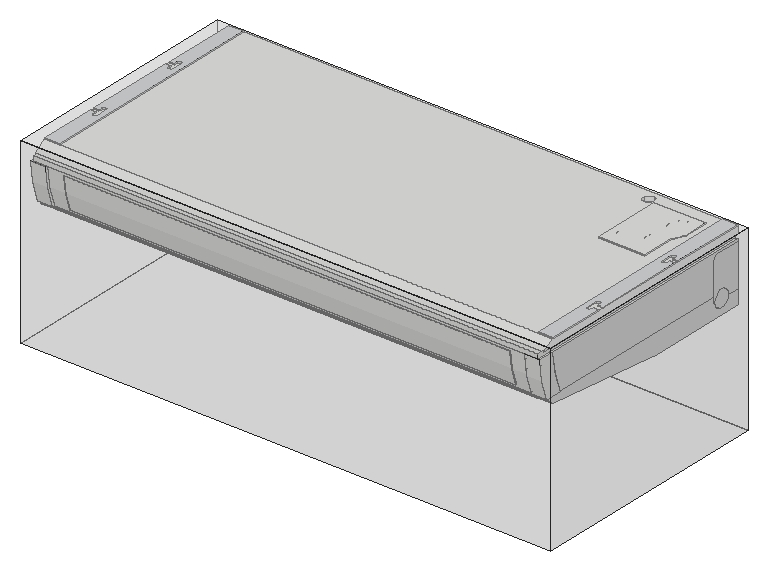
Revit family "outputfile", category 機械設備, Revit 2024
Family settings
  丸型コネクタ寸法 = 半径を使用
  パーツ タイプ = 標準
  OmniClass 番号 = 23.75.10.24.21.27.27
  OmniClass タイトル = Split System Air Conditioning Units
  作業面ベース = いいえ
  常に垂直 = はい
  ロード時にボイドで切り取り = いいえ
  注釈の向きを維持 = いいえ
  共有 = いいえ
  部屋計算ポイント = はい
Parameters (values of type "FXHQ100MAVE")
  Description = ""
  製造元 = "Daikin"
  書き出し IFC クラス(タイプ) = "IfcUnitaryEquipmentType"
  定義済み IFC タイプ(タイプ) = "AIRCONDITIONINGUNIT"
  Cost = 0
  モデル = "FXHQ100MAVE"
  Type Comments = ""
  Keynote = ""
  Type Image = (empty or 0)
  Assembly Code = ""
  r_Liquid Pipe Size = Liquid Pipe Size / 2  # 4.75 mm
  r_Gas Pipe Size = Gas Pipe Size / 2  # 7.95 mm
  r_Drain Pipe Size = Drain Pipe Size / 2  # 10.0 mm
  lw_Air suction grille = if(Width = 960.0 mm, (960.0 mm - 40.7 mm * 2) / 2 - 2.0 mm, if(Width = 1160.0 mm, (1160.0 mm - 40.7 mm * 2) / 2 - 2.0 mm, if(Width = 1400.0 mm, (1400.0 mm - 40.7 mm * 2) / 3, (960.0 mm - 40.7 mm * 2) / 2 - 2.0 mm)))  # 439.533 mm
  l_powersupply [instance] = if(Rear Right Connection_powersupply, 30.0 mm, 145.0 mm)  # 30.0 mm
  h_mountinghole = 2.0 mm  # constant formula
  angle_vertical_powersupply [instance] = if(Rear Right Connection_powersupply, 90.00°, 180.00°)  # 90.00°
  angle_vertical_drainpipe [instance] = if(or(Left Connection_drainpipe, Right Connection_drainpipe), 90.00°, if(Top Connection_drainpipe, 180.00°, -90.00°))  # -90.00°
  angle_horizontal_powersupply [instance] = if(Rear Right Connection_powersupply, 180.00°, 0.00°)  # 180.00°
  angle_horizontal_drainpipe [instance] = if(Right Connection_drainpipe, 90.00°, if(Left Connection_drainpipe, -90.00°, 0.00°))  # 0.00°
  Voltage_comment_60Hz = "220"
  Voltage_comment_50Hz = "220-240"
  Voltage_60Hz = 220 V
  Voltage_50Hz = 220 V
  URL = ""
  Top Connection_refrigerant [instance] = no
  Top Connection_powersupply [instance] = not(Rear Right Connection_powersupply)  # no
  Sound Power Level_H speed (dB) = 0
  Right Connection_refrigerant [instance] = no
  Rear Right Connection_refrigerant [instance] = yes
  Phase_60Hz = 1
  Phase_50Hz = 1
  Minimum Circuit Amps_60Hz = 1.3 A
  Minimum Circuit Amps_50Hz = 0.9 A
  Maximum Fuse Amps_60Hz = 15.0 A
  Maximum Fuse Amps_50Hz = 15.0 A
  Material_Casing = DAIKIN_White_Casing_indoorunit
  lw_powersupply [instance] = 220.0 mm  # constant formula
  lw_mountinghole = 20.0 mm  # constant formula
  lw_liquidpipe [instance] = if(not(Top Connection_refrigerant), 120.0 mm, 170.0 mm)  # 120.0 mm
  lw_gaspipe = 105.0 mm  # constant formula
  lw_drainpipe [instance] = if(Top Connection_drainpipe, 90.0 mm, if(or(Rear Left Connection_drainpipe, Left Connection_drainpipe), Width - 80.0 mm, 100.0 mm))  # 100.0 mm
  lh_powersupply = 145.0 mm  # constant formula
  lh_liquidpipe [instance] = if(Rear Right Connection_refrigerant, 110.0 mm, 90.0 mm)  # 110.0 mm
  lh_gaspipe [instance] = if(Rear Right Connection_refrigerant, 100.0 mm, 90.0 mm)  # 100.0 mm
  lh_drainpipe = 155.0 mm  # constant formula
  l_antena = 1.0 mm  # constant formula
  ld_powersupply = 30.0 mm  # constant formula
  ld_mountinghole_pitch = 260.0 mm  # constant formula
  ld_mountinghole = 210.0 mm  # constant formula
  ld_liquidpipe [instance] = if(Right Connection_refrigerant, 55.0 mm, if(Top Connection_refrigerant, 185.0 mm, 225.0 mm))  # 225.0 mm
  ld_gaspipe [instance] = if(Right Connection_refrigerant, 65.0 mm, if(Top Connection_refrigerant, 160.0 mm, 225.0 mm))  # 225.0 mm
  ld_drainpipe [instance] = if(or(Left Connection_drainpipe, Right Connection_drainpipe), 55.0 mm, if(Top Connection_drainpipe, 85.0 mm, 275.0 mm))  # 275.0 mm
  l_liquidpipe_length [instance] = if(Right Connection_refrigerant, 120.0 mm, if(Top Connection_refrigerant, 90.0 mm, 225.0 mm))  # 225.0 mm
  l_gaspipe_length [instance] = if(Right Connection_refrigerant, 105.0 mm, if(Top Connection_refrigerant, 90.0 mm, 225.0 mm))  # 225.0 mm
  l_drainpipe_length [instance] = if(Right Connection_drainpipe, 100.0 mm, if(Top Connection_drainpipe, 155.0 mm, if(Left Connection_drainpipe, 80.0 mm, 275.0 mm)))  # 275.0 mm
  h*** = 0.0 mm  # constant formula
  angle_vertical [instance] = if(Right Connection_refrigerant, 90.00°, if(Top Connection_refrigerant, 180.00°, -90.00°))  # -90.00°
  angle_horizontal [instance] = if(Right Connection_refrigerant, 90.00°, 0.00°)  # 0.00°
  Width = 1400.0 mm
  Version = "ver.1.0"
  Unit Type = "Ceiling Suspended Type"
  Unit Mass Weight = 33.00 kg
  Unit Designation [instance] = ""
  Uniclass2015Version = "Products v1.30"
  Uniclass2015Title = "Variable refrigerant flow units"
  Uniclass2015Code = "Pr_70_65_03_94"
  Total Heating Capacity [instance] = 0.000 kW
  Total Cooling Capacity [instance] = 0.000 kW
  Top Connection_drainpipe [instance] = no
  Sound Pressure Level_M speed (dBA) = 0
  Sound Pressure Level_L speed (dBA) = 37
  Sound Pressure Level_H speed (dBA) = 45
  Series = "VRV Fan Coil Unit"
  Sensible Cooling Capacity [instance] = 0.000 kW
  Rear Right Connection_drainpipe [instance] = yes
  Rear Right Connection_powersupply [instance] = yes
  Right Connection_drainpipe [instance] = no
  Refrigerant Type = "R410A"
  Power Input (Heating) = 0.135 kW
  Power Input (Cooling) = 0.135 kW
  Option Accessory 3 [instance] = ""
  Option Accessory 2 [instance] = ""
  Option Accessory 1 [instance] = ""
  Nominal Heating Capacity = 12.500 kW
  Nominal Cooling Capacity = 11.200 kW
  Minimum Airflow = 1170.00 m³/h
  Median Airflow = 0.00 m³/h
  Maximum Airflow = 1500.00 m³/h
  Load Classification = HVAC
  Liquid Pipe Size = 9.5 mm
  Link_Nested Family [instance] = ""
  Rear Left Connection_drainpipe [instance] = no
  Left Connection_drainpipe [instance] = no
  IfcVersion = "0"
  IfcExportType = "AIRCONDITIONINGUNIT"
  IfcExportAs = "IfcUnitaryEquipmentType"
  Height = 195.0 mm
  Heating Entering Wet Bulb Temperature [instance] = 0.00 °C
  Heating Entering Dry Bulb Temperature [instance] = 0.00 °C
  Heating Ambient Wet Bulb Temperature [instance] = 0.00 °C
  Heating Ambient Dry Bulb Temperature [instance] = 0.00 °C
  Heat Exchanger Type = "Cross Fin Coil"
  Gas Pipe Size = 15.9 mm
  Frequency_60Hz = 60 Hz
  Frequency_50Hz = 50 Hz
  Fan Type = "Sirocco Fan"
  Fan Drive = "Direct Drive"
  FCU Tag No. [instance] = ""
  Drain Pipe Size = 20.0 mm
  Design Supply Airflow [instance] = 0.00 m³/h
  Design Outdoor Airflow [instance] = 0.00 m³/h
  Depth = 680.0 mm
  既定の高さ = 0.0 mm
  Cooling Entering Wet Bulb Temperature [instance] = 0.00 °C
  Cooling Entering Dry Bulb Temperature [instance] = 0.00 °C
  Cooling Ambient Wet Bulb Temperature [instance] = 0.00 °C
  Cooling Ambient Dry Bulb Temperature [instance] = 0.00 °C
  Clearance visibility [instance] = yes
  Clearance Top = 5.0 mm
  Clearance Right = 30.0 mm
  Clearance Rear = 0.0 mm
  Clearance Left = 30.0 mm
  Clearance Front = 0.0 mm
  Clearance Bottom = 300.0 mm
Reference planes
  plane 1 "Back": y = 0
  plane 2: z = 0
  plane 3 "Center (Left/Right)": x = 0
  plane 4 "Center (Front/Back)": y = -340
  plane 5 "Front": y = -680
  plane 6 "Left": x = -700
  plane 7 "Right": x = 700
  plane 8 "Top": z = 0
  plane 9 "Bottom": z = -195
  plane 10: y = -680
  plane 11: x = -730
  plane 12: x = 730
  plane 13: z = 5
  plane 14: z = -495
  plane 15: y = 0
  plane 16 "lw_mountinghole": x = -680
  plane 17 "lw_mountinghole2": x = 680
  plane 18 "ld_mountinghole": y = -210
  plane 19 "ld_mountinghole2": y = -470
  plane 20 "lw_gaspipe": x = 595
  plane 21 "ld_gaspipe": y = -225
  plane 22 "lw_liquidpipe": x = 580
  plane 23 "ld_liquidpipe": y = -225
  plane 24 "ld_drainpipe": y = -275
  plane 25 "lw_drainpipe": x = 600
  plane 26 "lw_powersupply": x = 480
  plane 27 "ld_powersupply": y = -30
  plane 28: x = -219.767
  plane 29: x = 219.767
  plane 30 "40.7": x = 659.3
  plane 31: x = -659.3
  plane 32 "lh_gaspipe": z = -100
  plane 33 "lh_liquidpipe": z = -110
  plane 34 "lh_drainpipe": z = -155
  plane 35 "lh_powersupply": z = -145
Forms (mm)
  Extrusion 1, solid, material "DAIKIN_White_Casing_indoorunit" <- "Material_Casing"
    sketch origin (0, 0, 0) x (0, 1, 0) y (0, 0, 1)
      loop
        line (0, 0) -> (-633.9, 0) -> (-664.9, -20) -> (0, -20) -> (0, 0)
    from -700 to 700
  Extrusion 2, solid, material "DAIKIN_White_Casing_indoorunit" <- "Material_Casing"
    sketch origin (0, 0, 0) x (0, 1, 0) y (0, 0, 1)
      loop
        line (0, -20) -> (-678.4, -20) -> (-678.4, -33) -> (0, -33) -> (0, -20)
    from -694 to 694
  Extrusion 3, solid, material "DAIKIN_White_Casing_indoorunit" <- "Material_Casing"
    sketch origin (0, 0, 0) x (0, 1, 0) y (0, 0, 1)
      loop
        line (0, -33) -> (-638.389, -33)
        arc (-638.389, -33) -> (-629.305, -88.783) -> (-610.271, -142) r 310.829
        line (-610.271, -142) -> (0, -142) -> (0, -33)
    from -700 to 700
  Extrusion 4, solid, material "DAIKIN_White_Casing_indoorunit" <- "Material_Casing"
    sketch origin (-700, 0, 0) x (0, 1, 0) y (0, 0, 1)
      loop
        line (0, -142) -> (-651.893, -142) -> (-647.876, -149.065)
        arc (-647.876, -149.065) -> (-641.446, -155.91) -> (-632.601, -159.063) r 19.989
        line (-632.601, -159.063) -> (-300.211, -194.208)
        arc (-300.211, -194.208) -> (-292.706, -194.802) -> (-285.179, -195) r 142.962
        line (-285.179, -195) -> (0, -195) -> (0, -142)
    from 0 to 40.7
  Extrusion 5, solid, material "DAIKIN_White_Casing_indoorunit" <- "Material_Casing"
    sketch origin (700, 0, 0) x (0, 1, 0) y (0, 0, 1)
      loop
        line (-638.389, -33) -> (-680.077, -33)
        arc (-680.077, -33) -> (-672.921, -88.644) -> (-655.583, -142) r 301.599
        line (-655.583, -142) -> (-610.271, -142)
        arc (-610.271, -142) -> (-629.305, -88.783) -> (-638.389, -33) r 310.829
    from 0 to -40.7
  Extrusion 6, solid, material "DAIKIN_White_Casing_indoorunit" <- "Material_Casing"
    sketch origin (-700, 0, 0) x (0, 1, 0) y (0, 0, 1)
      loop
        line (-655.583, -142) -> (-610.271, -142)
        arc (-610.271, -142) -> (-629.305, -88.783) -> (-638.389, -33) r 310.829
        line (-638.389, -33) -> (-680.077, -33)
        arc (-680.077, -33) -> (-672.921, -88.644) -> (-655.583, -142) r 301.599
    from 0 to 40.7
  Extrusion 7, solid, material "DAIKIN_White_Grille_indoorunit"
    sketch origin (0, 0, 0) x (0, 1, 0) y (0, 0, 1)
      loop
        line (0, -190) -> (-273.138, -190) -> (-273.138, -195) -> (0, -195) -> (0, -190)
    from -219.767 to 219.767
  Extrusion 8, solid, material "DAIKIN_White_Grille_indoorunit"
    sketch origin (0, 0, 0) x (0, 1, 0) y (0, 0, 1)
      loop
        line (0, -190) -> (-273.138, -190) -> (-273.138, -195) -> (0, -195) -> (0, -190)
    from -659.3 to -219.767
  Extrusion 9, solid, material "DAIKIN_White_Grille_indoorunit"
    sketch origin (0, 0, 0) x (0, 1, 0) y (0, 0, 1)
      loop
        line (0, -190) -> (-273.138, -190) -> (-273.138, -195) -> (0, -195) -> (0, -190)
    from 219.767 to 659.3
  Extrusion 10, solid
    sketch origin (0, 0, 0) x (-1, 0, 0) y (0, -1, 0)
      loop
        line (674, 196) -> (674, 224)
        arc (674, 224) -> (680, 230) -> (686, 224) r 6
        line (686, 224) -> (686, 216) -> (700, 216) -> (700, 464) -> (686, 464) -> (686, 456)
        arc (686, 456) -> (680, 450) -> (674, 456) r 6
        line (674, 456) -> (674, 484.69)
        arc (674, 484.69) -> (680, 490.04) -> (686, 484.69) r 6.04
        line (686, 484.69) -> (686, 476) -> (700, 476) -> (700, 633.9) -> (659.3, 633.9) -> (659.3, 0) -> (700, 0) -> (700, 204) -> (686, 204) -> (686, 196)
        arc (686, 196) -> (680, 190) -> (674, 196) r 6
      loop
        arc (-674, 196) -> (-680, 190) -> (-686, 196) r 6
        line (-686, 196) -> (-686, 204) -> (-700, 204) -> (-700, 0) -> (-659.3, 0) -> (-659.3, 633.9) -> (-700, 633.9) -> (-700, 476) -> (-686, 476) -> (-686, 484.69)
        arc (-686, 484.69) -> (-680, 490.04) -> (-674, 484.69) r 6.04
        line (-674, 484.69) -> (-674, 456)
        arc (-674, 456) -> (-680, 450) -> (-686, 456) r 6
        line (-686, 456) -> (-686, 464) -> (-700, 464) -> (-700, 216) -> (-686, 216) -> (-686, 224)
        arc (-686, 224) -> (-680, 230) -> (-674, 224) r 6
        line (-674, 224) -> (-674, 196)
    from 0 to 2
  Extrusion 11, solid, material "DAIKIN_White_Casing_indoorunit" <- "Material_Casing"
    sketch origin (0, 0, 0) x (0, 1, 0) y (0, 0, 1)
      loop
        line (-651.659, -142) -> (-610.271, -142)
        arc (-610.271, -142) -> (-629.305, -88.783) -> (-638.389, -33) r 310.829
        line (-638.389, -33) -> (-676.476, -33)
        arc (-676.476, -33) -> (-669.224, -88.674) -> (-651.659, -142) r 298
    from -659.3 to 659.3
  Extrusion 12, void
    sketch origin (0, 0, 0) x (0, 1, 0) y (0, 0, 1)
      loop
        arc (-676.086, -41) -> (-669.058, -89.401) -> (-654.207, -136) r 298
        line (-654.207, -136) -> (-645.465, -136)
        arc (-645.465, -136) -> (-660.075, -89.305) -> (-667.848, -41) r 340.829
        line (-667.848, -41) -> (-676.086, -41)
    from -614.3 to 614.3
  Extrusion 13, solid, material "DAIKIN_White_Casing_indoorunit" <- "Material_Casing"
    sketch origin (0, 0, 0) x (0, 1, 0) y (0, 0, 1)
      loop
        line (-667.848, -41) -> (-676.086, -41)
        arc (-676.086, -41) -> (-669.058, -89.401) -> (-654.207, -136) r 298
        line (-654.207, -136) -> (-645.465, -136)
        arc (-645.465, -136) -> (-660.075, -89.305) -> (-667.848, -41) r 340.829
    from -614.3 to 614.3
  Extrusion 14, solid, material "DAIKIN_White_Casing_indoorunit" <- "Material_Casing"
    sketch origin (0, 0, 0) x (1, 0, 0) y (0, 0, 1)
      loop
        line (495, -60) -> (495, -125) -> (575, -175) -> (640, -175) -> (640, -60) -> (495, -60)
    from 0 to 1
  Extrusion 15, void
    sketch origin (0, 0, 0) x (1, 0, 0) y (0, 0, 1)
      loop
        circle (595, -130) r 40
    from 0 to 10
  Extrusion 16, void
    sketch origin (0, 0, 0) x (1, 0, 0) y (0, 0, 1)
      loop
        arc (-630, -135) -> (-650, -155) -> (-630, -175) r 20
        line (-630, -175) -> (-610, -175)
        arc (-610, -175) -> (-590, -155) -> (-610, -135) r 20
        line (-610, -135) -> (-630, -135)
    from 0 to 10
  Extrusion 17, solid, material "DAIKIN_White_Casing_indoorunit" <- "Material_Casing"
    sketch origin (0, 0, 0) x (-1, 0, 0) y (0, -1, 0)
      loop
        line (-500, 36) -> (-500, 228) -> (-627, 228) -> (-627, 138) -> (-642, 106) -> (-642, 36) -> (-500, 36)
    from 0 to 1.9
  Extrusion 18, solid, material "DAIKIN_White_Casing_indoorunit" <- "Material_Casing"
    sketch origin (700, 0, 0) x (0, 1, 0) y (0, 0, 1)
      loop
        arc (-75, -40) -> (-78.536, -41.464) -> (-80, -45) r 5
        line (-80, -45) -> (-80, -155) -> (0, -155) -> (0, -40) -> (-75, -40)
    from 0 to -2
  Extrusion 19, solid, material "DAIKIN_White_Casing_indoorunit" <- "Material_Casing"
    sketch origin (700, 0, 0) x (0, 1, 0) y (0, 0, 1)
      loop
        circle (-55, -155) r 22.5
    from 0 to -2
  Extrusion 20, void
    sketch origin (0, 0, 0) x (1, 0, 0) y (0, 0, 1)
      loop
        line (640, -60) -> (495, -60) -> (495, -125) -> (575, -175) -> (640, -175) -> (640, -60)
    from 0 to 1
  Extrusion 21, solid, material "DAIKIN_White_Casing_indoorunit" <- "Material_Casing"
    sketch origin (-700, 0, 0) x (0, 1, 0) y (0, 0, 1)
      loop
        circle (-55, -155) r 22.5
    from 0 to 2
  Extrusion 22, void
    sketch origin (0, 0, 0) x (-1, 0, 0) y (0, -1, 0)
      loop
        circle (-610, 85) r 30
      loop
        circle (-595, 160) r 18
      loop
        circle (-530, 185) r 13
    from 0 to -10
  Extrusion 23, solid, material "DAIKIN_White_Casing_indoorunit" <- "Material_Casing"
    sketch origin (0, 0, 0) x (0, 1, 0) y (0, 0, 1)
      loop
        line (-632.601, -159.063) -> (-300.211, -194.208)
        arc (-300.211, -194.208) -> (-292.706, -194.802) -> (-285.179, -195) r 142.962
        line (-285.179, -195) -> (-273.138, -195) -> (-273.138, -190) -> (0, -190) -> (0, -142) -> (-651.893, -142) -> (-647.876, -149.065)
        arc (-647.876, -149.065) -> (-641.446, -155.91) -> (-632.601, -159.063) r 19.989
    from -659.3 to 659.3
  Extrusion 24, solid, material "DAIKIN_White_Casing_indoorunit" <- "Material_Casing"
    sketch origin (700, 0, 0) x (0, 1, 0) y (0, 0, 1)
      loop
        line (-632.601, -159.063) -> (-300.211, -194.208)
        arc (-300.211, -194.208) -> (-292.706, -194.802) -> (-285.179, -195) r 142.962
        line (-285.179, -195) -> (0, -195) -> (0, -142) -> (-651.893, -142) -> (-647.876, -149.065)
        arc (-647.876, -149.065) -> (-641.446, -155.91) -> (-632.601, -159.063) r 19.989
    from 0 to -40.7
  Extrusion 25, void
    sketch origin (0, 0, 0) x (-1, 0, 0) y (0, -1, 0)
      loop
        circle (-480, 30) r 14.5
    from 0 to -10
  Extrusion 26, void
    sketch origin (0, 0, 0) x (1, 0, 0) y (0, 0, 1)
      loop
        circle (480, -145) r 14.5
    from 0 to 10
Cuts and joins
  Extrusion 12 cuts Extrusion 11
  Extrusion 15, Extrusion 16, Extrusion 20, Extrusion 26 cuts Extrusion 3
  Extrusion 22, Extrusion 25 cuts Extrusion 1
  Extrusion 15, Extrusion 16, Extrusion 20, Extrusion 26 cuts Extrusion 23
Dimensions and locks
  equal spacing: plane 6 "Left", plane 3 "Center (Left/Right)", plane 7 "Right"
  "Width": plane 6 "Left" to plane 7 "Right"
  "Depth": plane 5 "Front" to plane 1 "Back"
  "Height": plane 8 "Top" to plane 9 "Bottom"
  "Clearance Front": plane 10 to plane 5 "Front"
  "Clearance Left": plane 11 to plane 6 "Left"
  "Clearance Right": plane 7 "Right" to plane 12
  "Clearance Top": plane 13 to plane 8 "Top"
  "Clearance Bottom": plane 9 "Bottom" to plane 14
  "Clearance Rear": plane 1 "Back" to plane 15
  "ld_mountinghole": plane 18 "ld_mountinghole" to plane 1 "Back"
  "ld_mountinghole_pitch": plane 18 "ld_mountinghole" to plane 19 "ld_mountinghole2"
  "lw_mountinghole": plane 6 "Left" to plane 16 "lw_mountinghole"
  "lw_gaspipe": plane 20 "lw_gaspipe" to plane 7 "Right"
  "ld_gaspipe": plane 1 "Back" to plane 21 "ld_gaspipe"
  "lw_liquidpipe": plane 22 "lw_liquidpipe" to plane 7 "Right"
  "ld_liquidpipe": plane 1 "Back" to plane 23 "ld_liquidpipe"
  "lw_drainpipe": plane 25 "lw_drainpipe" to plane 7 "Right"
  "ld_drainpipe": plane 24 "ld_drainpipe" to plane 1 "Back"
  "lw_powersupply": plane 26 "lw_powersupply" to plane 7 "Right"
  "ld_powersupply": plane 1 "Back" to plane 27 "ld_powersupply"
  "lw_mountinghole": plane 17 "lw_mountinghole2" to plane 7 "Right"
  equal spacing: plane 5 "Front", plane 4 "Center (Front/Back)", plane 1 "Back"
  locked: Extrusion 1 sketch curve to Extrusion 1 sketch curve at 20
  locked: Extrusion 1 sketch curve to Extrusion 1 sketch curve at 633.9
  locked: Extrusion 1 sketch curve to Extrusion 1 sketch curve at 664.9
  locked: Extrusion 2 sketch curve to Extrusion 2 sketch curve at 13
  locked: Extrusion 2 sketch curve to Extrusion 2 sketch curve at 678.4
  locked: plane 6 "Left" to Extrusion 2 at 6
  locked: plane 7 "Right" to Extrusion 2 at 6
  locked: Extrusion 3 sketch curve to Extrusion 3 sketch curve at 610.271
  locked: Extrusion 3 sketch curve to Extrusion 3 sketch curve at 638.389
  locked: Extrusion 3 sketch curve to Extrusion 3 sketch curve at 328.329
  locked: plane 8 "Top" to Extrusion 3 sketch curve at 11.143
  locked: plane 30 "40.7" to plane 7 "Right" at 40.7
  locked: plane 6 "Left" to plane 31 at 40.7
  "lw_Air suction grille": plane 31 to plane 28
  "lw_Air suction grille": plane 29 to plane 30 "40.7"
  locked: Extrusion 10 sketch curve to Extrusion 10 sketch curve at 12  (x4)
  equal spacing: Extrusion 10 sketch curve, plane 18 "ld_mountinghole", Extrusion 10 sketch curve  (x2)
  equal spacing: Extrusion 10 sketch curve, plane 19 "ld_mountinghole2", Extrusion 10 sketch curve  (x2)
  Extrusion 10 sketch curve to plane 19 "ld_mountinghole2" to Extrusion 10 sketch curve = 14.0 mm locked, 14.0 mm locked  (x2)
  Extrusion 10 sketch curve to plane 18 "ld_mountinghole" to Extrusion 10 sketch curve = 14.0 mm locked, 14.0 mm locked  (x2)
  locked: Extrusion 10 sketch curve to Extrusion 10 sketch curve at 633.9  (x2)
  locked: plane 31 to Extrusion 12 at 45
  locked: Extrusion 12 to plane 30 "40.7" at 45
  locked: Extrusion 14 sketch curve to Extrusion 14 sketch curve at 115
  locked: Extrusion 14 sketch curve to Extrusion 14 sketch curve at 145
  locked: Extrusion 14 sketch curve to Extrusion 14 sketch curve at 65  (x2)
  locked: plane 8 "Top" to Extrusion 14 sketch curve at 60
  locked: Extrusion 14 sketch curve to plane 7 "Right" at 60
  locked: plane 7 "Right" to Extrusion 15 sketch curve at 105
  locked: plane 8 "Top" to Extrusion 15 sketch curve at 130
  locked: Extrusion 16 sketch curve to plane 6 "Left" at 70
  plane 8 "Top" to Extrusion 16 sketch curve to Extrusion 16 sketch curve = 135.0 mm locked, 40.0 mm locked
  locked: Extrusion 16 sketch curve to Extrusion 16 sketch curve at 20
  Extrusion 17 sketch curve to Extrusion 17 sketch curve to plane 7 "Right" = 142.0 mm locked, 58.0 mm locked
  Extrusion 17 sketch curve to Extrusion 17 sketch curve to plane 1 "Back" = 192.0 mm locked, 36.0 mm locked
  locked: Extrusion 17 sketch curve to Extrusion 17 sketch curve at 127
  locked: Extrusion 17 sketch curve to Extrusion 17 sketch curve at 90
  plane 8 "Top" to Extrusion 18 sketch curve to Extrusion 18 sketch curve = 40.0 mm locked, 115.0 mm locked
  locked: Extrusion 18 sketch curve to Extrusion 18 sketch curve at 80
  locked: Extrusion 19 sketch curve to plane 1 "Back" at 55
  locked: plane 8 "Top" to Extrusion 19 sketch curve at 155
  locked: Extrusion 21 sketch curve to plane 1 "Back" at 55
  locked: plane 8 "Top" to Extrusion 21 sketch curve at 155
  locked: Extrusion 22 sketch curve to plane 7 "Right" at 90
  locked: Extrusion 22 sketch curve to plane 1 "Back" at 85
  locked: Extrusion 22 sketch curve to plane 7 "Right" at 105
  locked: Extrusion 22 sketch curve to plane 1 "Back" at 160
  locked: Extrusion 22 sketch curve to plane 7 "Right" at 170
  locked: Extrusion 22 sketch curve to plane 1 "Back" at 185
  locked: Extrusion 5 sketch curve to Extrusion 5 sketch curve at 109
  "lh_powersupply": plane 8 "Top" to plane 35 "lh_powersupply"
  "lh_liquidpipe": plane 8 "Top" to plane 33 "lh_liquidpipe"
  "lh_gaspipe": plane 8 "Top" to plane 32 "lh_gaspipe"
  "lh_drainpipe": plane 8 "Top" to plane 34 "lh_drainpipe"
  locked: Extrusion 4 sketch curve to plane 1 "Back" at 285.179
  locked: Extrusion 4 sketch curve to Extrusion 4 sketch curve at 53
  locked: Extrusion 9 sketch curve to plane 1 "Back" at 273.138
  locked: Extrusion 8 sketch curve to plane 1 "Back" at 273.138
  locked: Extrusion 7 sketch curve to plane 1 "Back" at 273.138
  locked: Extrusion 25 sketch curve to plane 1 "Back" at 30
  locked: Extrusion 25 sketch curve to plane 7 "Right" at 220
  locked: plane 7 "Right" to Extrusion 26 sketch curve at 220
  locked: plane 8 "Top" to Extrusion 26 sketch curve at 145
  locked: nested 10 to plane 7 "Right" at 120
  aligned and locked: level to plane 2
  aligned and locked: nested 2 to plane 18 "ld_mountinghole"
  aligned and locked: plane 16 "lw_mountinghole" to nested 2
  aligned and locked: nested 1 to plane 19 "ld_mountinghole2"
  aligned and locked: plane 16 "lw_mountinghole" to nested 1
  aligned and locked: nested 4 to plane 18 "ld_mountinghole"
  aligned and locked: plane 17 "lw_mountinghole2" to nested 4
  aligned and locked: plane 17 "lw_mountinghole2" to nested 3
  aligned and locked: nested 3 to plane 19 "ld_mountinghole2"
  aligned and locked: plane 1 "Back" to Extrusion 1 sketch curve
  aligned and locked: plane 8 "Top" to Extrusion 1 sketch curve
  aligned and locked: Extrusion 1 to plane 6 "Left"
  aligned and locked: plane 7 "Right" to Extrusion 1
  aligned and locked: Extrusion 2 sketch curve to Extrusion 1  (x2)
  aligned and locked: plane 1 "Back" to Extrusion 3 sketch curve
  aligned and locked: Extrusion 3 to plane 6 "Left"
  aligned and locked: plane 7 "Right" to Extrusion 3
  aligned and locked: plane 1 "Back" to Extrusion 4 sketch curve
  aligned and locked: Extrusion 4 to plane 6 "Left"
  aligned and locked: Extrusion 5 sketch curve to Extrusion 3
  aligned and locked: Extrusion 5 to Extrusion 6 sketch curve
  aligned and locked: Extrusion 6 sketch curve to Extrusion 5  (x2)
  aligned and locked: Extrusion 7 to plane 28
  aligned and locked: plane 29 to Extrusion 7
  aligned and locked: plane 28 to Extrusion 8
  aligned and locked: Extrusion 8 to plane 31
  aligned and locked: Extrusion 9 sketch curve to Extrusion 7  (x3)
  aligned and locked: Extrusion 9 to plane 29
  aligned and locked: plane 30 "40.7" to Extrusion 9
  aligned and locked: plane 16 "lw_mountinghole" to Extrusion 10 sketch curve  (x4)
  aligned and locked: Extrusion 10 sketch curve to plane 31
  aligned and locked: plane 6 "Left" to Extrusion 10 sketch curve  (x3)
  aligned and locked: plane 1 "Back" to Extrusion 10 sketch curve
  aligned and locked: Extrusion 5 to Extrusion 11 sketch curve
  aligned and locked: Extrusion 11 sketch curve to Extrusion 5
  aligned and locked: plane 30 "40.7" to Extrusion 11
  aligned and locked: Extrusion 11 to plane 31
  aligned and locked: Extrusion 12 sketch curve to Extrusion 11
  aligned and locked: Extrusion 13 sketch curve to cut or joined group of Extrusion 11, Extrusion 12  (x4)
  aligned and locked: Extrusion 13 to cut or joined group of Extrusion 11, Extrusion 12  (x2)
  aligned and locked: plane 15 to nested 5
  aligned and locked: nested 5 to plane 11
  aligned and locked: nested 5 to plane 10
  aligned and locked: nested 5 to plane 12
  aligned and locked: plane 13 to nested 5
  aligned and locked: plane 14 to nested 5
  aligned and locked: plane 1 "Back" to Extrusion 18 sketch curve
  aligned and locked: Extrusion 20 sketch curve to Extrusion 14  (x5)
  aligned and locked: Extrusion 5 sketch curve to Extrusion 2
  aligned and locked: plane 20 "lw_gaspipe" to nested 6
  aligned and locked: nested 6 to plane 21 "ld_gaspipe"
  aligned and locked: plane 22 "lw_liquidpipe" to nested 7
  aligned and locked: nested 7 to plane 23 "ld_liquidpipe"
  aligned and locked: plane 25 "lw_drainpipe" to nested 8
  aligned and locked: nested 8 to plane 24 "ld_drainpipe"
  aligned and locked: Extrusion 4 sketch curve to plane 9 "Bottom"
  aligned and locked: Extrusion 23 sketch curve to Extrusion 4  (x3)
  aligned and locked: Extrusion 4 to Extrusion 23 sketch curve
  aligned and locked: Extrusion 23 sketch curve to Extrusion 9  (x2)
  aligned and locked: Extrusion 23 to plane 31
  aligned and locked: plane 30 "40.7" to Extrusion 23
  aligned and locked: Extrusion 24 sketch curve to Extrusion 4  (x4)
  aligned and locked: Extrusion 24 to plane 30 "40.7"
  aligned and locked: plane 26 "lw_powersupply" to nested 9
  aligned and locked: nested 9 to plane 27 "ld_powersupply"
  aligned and locked: nested 10 to Extrusion 24
  aligned and locked: level to plane 8 "Top"
Automatic sketch dimensions
  Extrusion 3 sketch curve to plane 8 "Top" = 33.0 mm
  Extrusion 7 sketch curve to plane 9 "Bottom" = 0.0 mm
  Extrusion 7 sketch curve to plane 1 "Back" = 0.0 mm
  plane 9 "Bottom" to Extrusion 7 sketch curve = 5.0 mm
  Extrusion 8 sketch curve to plane 9 "Bottom" = 0.0 mm
  Extrusion 8 sketch curve to plane 1 "Back" = 0.0 mm
  plane 9 "Bottom" to Extrusion 8 sketch curve = 5.0 mm
  Extrusion 5 sketch curve to plane 5 "Front" = 24.417 mm
  plane 1 "Back" to Extrusion 10 sketch curve = 0.0 mm
  Extrusion 10 sketch curve to plane 7 "Right" = 0.0 mm  (x3)
  Extrusion 10 sketch curve to plane 17 "lw_mountinghole2" = 0.0 mm  (x4)
  Extrusion 10 sketch curve to plane 30 "40.7" = 0.0 mm
  plane 17 "lw_mountinghole2" to Extrusion 10 sketch curve = 6.0 mm  (x2)
  Extrusion 10 sketch curve to Extrusion 10 sketch curve = 6.0 mm  (x2)
  plane 16 "lw_mountinghole" to Extrusion 10 sketch curve = 6.0 mm  (x2)
  Extrusion 10 sketch curve to Extrusion 10 sketch curve = 0.69 mm  (x2)
  Extrusion 11 sketch curve to plane 5 "Front" = 28.341 mm
  Extrusion 11 sketch curve to plane 5 "Front" = 3.524 mm
  Extrusion 11 sketch curve to plane 8 "Top" = 22.519 mm
  Extrusion 12 sketch curve to plane 5 "Front" = 34.535 mm
  Extrusion 12 sketch curve to Extrusion 12 sketch curve = 8.742 mm
  Extrusion 12 sketch curve to plane 5 "Front" = 12.152 mm
  Extrusion 12 sketch curve to plane 5 "Front" = 3.914 mm
  Extrusion 12 sketch curve to plane 8 "Top" = 11.143 mm
  Extrusion 17 sketch curve to Extrusion 17 sketch curve = 32.0 mm
  Extrusion 18 sketch curve to Extrusion 18 sketch curve = 5.0 mm
  Extrusion 11 sketch curve to plane 8 "Top" = 33.0 mm
  plane 9 "Bottom" to Extrusion 4 sketch curve = 0.792 mm
  Extrusion 4 sketch curve to Extrusion 4 sketch curve = 15.032 mm
  Extrusion 4 sketch curve to plane 34 "lh_drainpipe" = 4.063 mm
  plane 34 "lh_drainpipe" to Extrusion 4 sketch curve = 5.935 mm
  Extrusion 4 sketch curve to Extrusion 4 sketch curve = 4.017 mm
  plane 9 "Bottom" to Extrusion 23 sketch curve = 0.792 mm
  Extrusion 23 sketch curve to Extrusion 23 sketch curve = 2.102 mm
  Extrusion 23 sketch curve to Extrusion 23 sketch curve = 4.017 mm
  plane 34 "lh_drainpipe" to Extrusion 23 sketch curve = 5.935 mm
  plane 9 "Bottom" to Extrusion 24 sketch curve = 0.792 mm
  Extrusion 24 sketch curve to Extrusion 24 sketch curve = 2.102 mm
  Extrusion 24 sketch curve to Extrusion 24 sketch curve = 4.017 mm
  plane 34 "lh_drainpipe" to Extrusion 24 sketch curve = 5.935 mm
  Extrusion 5 sketch curve to plane 8 "Top" = 22.519 mm
  plane 5 "Front" to Extrusion 5 sketch curve = 0.077 mm
  plane 5 "Front" to Extrusion 6 sketch curve = 0.077 mm
  radius of Extrusion 15 sketch curve = 40.0 mm
  radius of Extrusion 19 sketch curve = 22.5 mm
  radius of Extrusion 21 sketch curve = 22.5 mm
  radius of Extrusion 22 sketch curve = 30.0 mm
  radius of Extrusion 22 sketch curve = 18.0 mm
  radius of Extrusion 22 sketch curve = 13.0 mm
  radius of Extrusion 25 sketch curve = 14.5 mm
  radius of Extrusion 26 sketch curve = 14.5 mm
Nested families
  nested 1: "daikin_mountinghole" at (-680, -470, 0), l_antenna <- "l_antena", Link_Nested Family <- "Link_Nested Family", h_mountinghole <- "h_mountinghole", type "daikin_mountinghole"
    with show yes, l_antenna 1.0 mm, h_mountinghole 2.0 mm, Link_Nested Family ""
  nested 2: "daikin_mountinghole" at (-680, -210, 0), l_antenna <- "l_antena", Link_Nested Family <- "Link_Nested Family", h_mountinghole <- "h_mountinghole", type "daikin_mountinghole"
    with show yes, l_antenna 1.0 mm, h_mountinghole 2.0 mm, Link_Nested Family ""
  nested 3: "daikin_mountinghole" at (680, -470, 0), l_antenna <- "l_antena", Link_Nested Family <- "Link_Nested Family", h_mountinghole <- "h_mountinghole", type "daikin_mountinghole"
    with show yes, l_antenna 1.0 mm, h_mountinghole 2.0 mm, Link_Nested Family ""
  nested 4: "daikin_mountinghole" at (680, -210, 0), Link_Nested Family <- "Link_Nested Family", l_antenna <- "l_antena", h_mountinghole <- "h_mountinghole", type "daikin_mountinghole"
    with show yes, l_antenna 1.0 mm, h_mountinghole 2.0 mm, Link_Nested Family ""
  nested 5: "daikin_clearancespace" at (0, -340, -244.881), show <- "Clearance visibility", visible <- "Clearance visibility", Link_Nested Family <- "Link_Nested Family", type "daikin_clearancespace"
    with width 1460.0 mm, show yes, height 500.0 mm, depth 680.0 mm, Link_Nested Family ""
  nested 6: "daikin_connector_rotate3" at (595, -225, -100), radius <- "r_Gas Pipe Size", length <- "l_gaspipe_length", angle_vertical <- "angle_vertical", angle_horizontal <- "angle_horizontal", type "daikin_connector_rotate3"
    with show no, radius 7.95 mm, length 225.0 mm, angle_vertical -90.00°, angle_horizontal 0.00°
  nested 7: "daikin_connector_rotate3" at (580, -225, -110), radius <- "r_Liquid Pipe Size", length <- "l_liquidpipe_length", angle_vertical <- "angle_vertical", angle_horizontal <- "angle_horizontal", type "daikin_connector_rotate3"
    with show no, radius 4.75 mm, length 225.0 mm, angle_vertical -90.00°, angle_horizontal 0.00°
  nested 8: "daikin_connector_rotate3" at (600, -275, -155), radius <- "r_Drain Pipe Size", length <- "l_drainpipe_length", angle_vertical <- "angle_vertical_drainpipe", angle_horizontal <- "angle_horizontal_drainpipe", type "daikin_connector_rotate3"
    with show no, radius 10.0 mm, length 275.0 mm, angle_vertical -90.00°, angle_horizontal 0.00°
  nested 9: "daikin_connector_rotate3" at (480, -30, -145), angle_vertical <- "angle_vertical_powersupply", angle_horizontal <- "angle_horizontal_powersupply", length <- "l_powersupply", type "daikin_connector_rotate3"
    with show no, radius 10.0 mm, length 30.0 mm, angle_vertical 90.00°, angle_horizontal 180.00°
  nested 10: "daikin_logo_plane_w40" at (580, -594.246, -163.119) x (1, 0, 0) z (0, -0.1051, -0.9945), type "daikin_logo_plane_w40"
    with show_logo yes
Connectors
  piping at (600, 0, -155), diameter 20, driven by "r_Drain Pipe Size"
    settings: on nested 8, index 1, connector inside diameter 609.6 mm, connector length 0.0 mm, flow factor 0, pipe flow 0.00 m³/h, pressure drop 0.0 Pa, fitting loss kfactor 0, connector angle 0.00°, fixture units 0, engagement length 0.0 mm, angle of deflection 0.00°, flow configuration 1, flow direction 2, fitting loss method 4, system type 16, joint type 0, gender type 0, connector reference index -1, connector utility 0, adjustable connector no, is connector primary yes, connector description "Condensate Drain Piping"
  piping at (595, 0, -100), diameter 15.9, driven by "r_Gas Pipe Size"
    settings: on nested 6, index 2, connector inside diameter 609.6 mm, connector length 0.0 mm, flow factor 0, pipe flow 0.00 m³/h, pressure drop 0.0 Pa, fitting loss kfactor 0, connector angle 0.00°, fixture units 0, engagement length 0.0 mm, angle of deflection 0.00°, flow configuration 1, flow direction 2, fitting loss method 0, system type 29, joint type 0, gender type 0, connector reference index -1, connector utility 0, adjustable connector no, is connector primary no, connector description "Refrigerant Gas Piping"
  piping at (580, 0, -110), diameter 9.5, driven by "r_Liquid Pipe Size"
    settings: on nested 7, index 3, connector inside diameter 609.6 mm, connector length 0.0 mm, flow factor 0, pipe flow 0.00 m³/h, pressure drop 0.0 Pa, fitting loss kfactor 0, connector angle 0.00°, fixture units 0, engagement length 0.0 mm, angle of deflection 0.00°, flow configuration 1, flow direction 1, fitting loss method 0, system type 29, joint type 0, gender type 0, connector reference index -1, connector utility 0, adjustable connector no, is connector primary no, connector description "Refrigerant Liquid Piping"
  electrical at (480, 0, -145), driven by "Load Classification"
    settings: on nested 9, index 4, voltage 0 V, apparent load 0 VA, apparent load phase1 0 VA, apparent load phase2 0 VA, apparent load phase3 0 VA, power factor 1, load classification "HVAC", number of poles 1, system type 30, power factor state 1, is connector primary yes, connector utility no, sub classification motor no, connector description "Power Supply"
Definition of nested family "daikin_clearancespace"
  Parameters (values of type "daikin_clearancespace")
    width [instance] = 1823.963 mm
    show [instance] = yes
    material = none
    height [instance] = 1359.762 mm
    depth [instance] = 880.0 mm
    Default Elevation = 0.0 mm
    Link_Nested Family [instance] = ""
  Reference planes
    plane 1 "Center (Front/Back)": y = 0
    plane 2 "Center (Elevation)": z = -0.119
    plane 3 "Center (Left/Right)": x = 0
    plane 4: y = 440
    plane 5: y = -440
    plane 6 "Right": x = 911.982
    plane 7 "Left": x = -911.982
    plane 8 "Top": z = 679.762
    plane 9 "Bottom": z = -680
  Forms (mm)
    Extrusion 1, solid, material <- "material", visible <- "show"
      sketch origin (0, 0, 0) x (1, 0, 0) y (0, 1, 0)
        loop
          line (-911.982, 440) -> (-911.982, -440) -> (911.982, -440) -> (911.982, 440) -> (-911.982, 440)
      from -680 to 679.762
  Lines and regions (mm)
    symbolic lines, visible <- "show"
      curve 1: line (911.982, 440, 0) -> (-911.982, 440, 0)
      curve 2: line (-911.982, 440, 0) -> (-911.982, -440, 0)
      curve 3: line (-911.982, -440, 0) -> (911.982, -440, 0)
      curve 4: line (911.982, -440, 0) -> (911.982, 440, 0)
      curve 5: line (911.982, 0, 679.762) -> (-911.982, 0, 679.762)
      curve 6: line (911.982, 0, -680) -> (911.982, 0, 679.762)
      curve 7: line (-911.982, 0, -680) -> (911.982, 0, -680)
      curve 8: line (-911.982, 0, 679.762) -> (-911.982, 0, -680)
      curve 9: line (0, 440, 679.762) -> (0, -440, 679.762)
      curve 10: line (0, -440, 679.762) -> (0, -440, -680)
      curve 11: line (0, 440, -680) -> (0, 440, 679.762)
      curve 12: line (0, -440, -680) -> (0, 440, -680)
  Dimensions and locks
    "width": plane 7 "Left" to plane 6 "Right"
    "depth": plane 4 to plane 5
    "height": plane 8 "Top" to plane 9 "Bottom"
    equal spacing: plane 7 "Left", plane 3 "Center (Left/Right)", plane 6 "Right"
    equal spacing: plane 4, plane 1 "Center (Front/Back)", plane 5
    equal spacing: plane 8 "Top", plane 2 "Center (Elevation)", plane 9 "Bottom"
    aligned and locked: level to plane 2 "Center (Elevation)"
    aligned and locked: Extrusion 1 sketch curve to plane 4
    aligned and locked: plane 7 "Left" to Extrusion 1 sketch curve
    aligned and locked: Extrusion 1 sketch curve to plane 5
    aligned and locked: Extrusion 1 sketch curve to plane 6 "Right"
    aligned and locked: plane 8 "Top" to Extrusion 1
    aligned and locked: curve 1 to Extrusion 1
    aligned and locked: curve 2 to Extrusion 1
    aligned and locked: curve 3 to Extrusion 1
    aligned and locked: curve 4 to Extrusion 1
    aligned and locked: curve 5 to Extrusion 1
    aligned and locked: curve 6 to Extrusion 1
    aligned and locked: curve 7 to Extrusion 1
    aligned and locked: curve 8 to Extrusion 1
    aligned and locked: curve 9 to Extrusion 1
    aligned and locked: curve 10 to Extrusion 1
    aligned and locked: curve 11 to Extrusion 1
    aligned and locked: curve 12 to Extrusion 1
    aligned and locked: Extrusion 1 to plane 9 "Bottom"
Definition of nested family "daikin_logo_plane_w40"
  Parameters (values of type "daikin_logo_plane_w40")
    width = 40.0 mm
    show_logo [instance] = yes
    material = none
    height = 0.0 mm
    depth = 0.0 mm
    Default Elevation = 1219.2 mm
  Reference planes
    plane 1 "Center (Front/Back)": y = 0
    plane 2: z = 0
    plane 3 "Center (Left/Right)": x = 0
    plane 4: z = 2
    plane 5 "left": x = -19
    plane 6: x = 19
  Forms (mm)
    Extrusion 1, solid, visible <- "show_logo"
      sketch origin (-19, 0, 0) x (1, 0, 0) y (0, 1, 0)
        loop
          line (8.902, -1.878) -> (7.789, -6.332) -> (11.13, -6.332)
          arc (11.13, -6.332) -> (12.454, -6.064) -> (13.472, -5.176) r 2.642
          arc (13.472, -5.176) -> (13.92, -4.02) -> (13.767, -2.79) r 2.537
          arc (13.767, -2.79) -> (13.452, -2.342) -> (12.982, -2.06) r 1.321
          arc (12.982, -2.06) -> (12.063, -1.902) -> (11.13, -1.878) r 6.479
          line (11.13, -1.878) -> (8.902, -1.878)
        loop
          line (10.016, -5.441) -> (10.907, -5.441)
          arc (10.907, -5.441) -> (11.591, -4.983) -> (11.988, -4.261) r 1.742
          spline (11.988, -4.261) -> (12.01, -4.155) -> (12.027, -4.03) -> (12.037, -3.893) -> (12.037, -3.747) -> (12.026, -3.598) -> (12.002, -3.451) -> (11.962, -3.31) -> (11.905, -3.181) -> (11.829, -3.069) -> (11.731, -2.978) -> (11.61, -2.913) -> (11.464, -2.88)
          line (11.464, -2.88) -> (10.573, -2.88) -> (10.016, -5.441)
        loop
          line (13.58, -6.332) -> (14.805, -6.332) -> (15.223, -5.553) -> (16.977, -5.553) -> (17.144, -6.332) -> (19.149, -6.332) -> (18.258, -1.878) -> (16.03, -1.878) -> (13.58, -6.332)
        loop
          line (16.476, -3.214) -> (15.76, -4.551) -> (16.762, -4.551) -> (16.476, -3.214)
        loop
          line (19.705, -6.332) -> (21.599, -6.332) -> (22.712, -1.878) -> (20.819, -1.878) -> (19.705, -6.332)
        loop
          line (22.712, -6.332) -> (24.606, -6.332) -> (24.908, -5.122) -> (25.831, -6.332) -> (28.17, -6.332) -> (26.388, -3.994) -> (28.949, -1.878) -> (26.945, -1.878) -> (25.401, -3.153) -> (25.719, -1.878) -> (23.826, -1.878) -> (22.712, -6.332)
        loop
          line (29.84, -1.878) -> (28.615, -6.332) -> (30.62, -6.332) -> (31.734, -1.878) -> (29.84, -1.878)
        loop
          line (31.734, -6.332) -> (33.07, -6.332) -> (33.7, -3.814) -> (34.518, -6.332) -> (36.745, -6.332) -> (37.859, -1.878) -> (36.523, -1.878) -> (35.845, -4.589) -> (34.963, -1.878) -> (32.847, -1.878) -> (31.734, -6.332)
      from 0 to 2
    Extrusion 2, solid, visible <- "show_logo"
      sketch origin (-19, 0, 0) x (1, 0, 0) y (0, 1, 0)
        loop
          line (8.7, 0) -> (4.235, 0) -> (0, -3.879) -> (0, -8) -> (8.7, 0)
      from 0 to 2
    Extrusion 3, solid, visible <- "show_logo"
      sketch origin (-19, 0, 0) x (1, 0, 0) y (0, 1, 0)
        loop
          line (0, 0) -> (0, -3.879) -> (4.235, 0) -> (0, 0)
      from 0 to 2
  Dimensions and locks
    plane 4 to plane 2 = 2.0 mm
    equal spacing: plane 5 "left", plane 3 "Center (Left/Right)", plane 6
    locked: plane 5 "left" to plane 6 at 38
    aligned and locked: level to plane 2
    aligned and locked: Extrusion 3 to plane 1 "Center (Front/Back)"  (x2)
    aligned and locked: Extrusion 2 to plane 1 "Center (Front/Back)"  (x2)
    aligned and locked: plane 4 to Extrusion 1
    aligned and locked: plane 4 to Extrusion 3
    aligned and locked: plane 4 to Extrusion 2
    aligned and locked: Extrusion 3 to plane 5 "left"
    aligned and locked: Extrusion 2 to plane 5 "left"
  Automatic sketch dimensions
    Extrusion 1 sketch curve to Extrusion 1 sketch curve = 0.901 mm
    Extrusion 1 sketch curve to Extrusion 1 sketch curve = 1.559 mm
    Extrusion 1 sketch curve to Extrusion 1 sketch curve = 1.327 mm
    Extrusion 1 sketch curve to Extrusion 1 sketch curve = 2.145 mm
    Extrusion 1 sketch curve to Extrusion 1 sketch curve = 1.448 mm
    Extrusion 1 sketch curve to Extrusion 1 sketch curve = 2.116 mm
    Extrusion 1 sketch curve to Extrusion 1 sketch curve = 1.114 mm  (x4)
    Extrusion 1 sketch curve to Extrusion 1 sketch curve = 1.336 mm  (x2)
    plane 1 "Center (Front/Back)" to Extrusion 1 sketch curve = 1.878 mm  (x5)
    Extrusion 1 sketch curve to Extrusion 1 sketch curve = 1.893 mm  (x5)
    Extrusion 1 sketch curve to Extrusion 1 sketch curve = 0.891 mm  (x4)
    Extrusion 1 sketch curve to Extrusion 1 sketch curve = 2.005 mm  (x3)
    Extrusion 1 sketch curve to Extrusion 1 sketch curve = 0.445 mm  (x2)
    plane 1 "Center (Front/Back)" to Extrusion 1 sketch curve = 3.994 mm
    Extrusion 1 sketch curve to Extrusion 1 sketch curve = 0.557 mm  (x2)
    Extrusion 1 sketch curve to Extrusion 1 sketch curve = 2.339 mm  (x2)
    Extrusion 1 sketch curve to Extrusion 1 sketch curve = 1.225 mm  (x3)
    plane 1 "Center (Front/Back)" to Extrusion 1 sketch curve = 3.153 mm
    Extrusion 1 sketch curve to Extrusion 1 sketch curve = 0.987 mm
    plane 1 "Center (Front/Back)" to Extrusion 1 sketch curve = 5.122 mm
    Extrusion 1 sketch curve to Extrusion 1 sketch curve = 0.922 mm
    plane 1 "Center (Front/Back)" to Extrusion 1 sketch curve = 6.332 mm
    Extrusion 1 sketch curve to Extrusion 1 sketch curve = 2.562 mm
    plane 1 "Center (Front/Back)" to Extrusion 1 sketch curve = 5.553 mm
    Extrusion 1 sketch curve to Extrusion 1 sketch curve = 0.167 mm
    Extrusion 1 sketch curve to Extrusion 1 sketch curve = 0.215 mm
    plane 1 "Center (Front/Back)" to Extrusion 1 sketch curve = 3.214 mm
    Extrusion 1 sketch curve to Extrusion 1 sketch curve = 0.286 mm
    plane 1 "Center (Front/Back)" to Extrusion 1 sketch curve = 4.551 mm
    Extrusion 1 sketch curve to Extrusion 1 sketch curve = 1.002 mm
    Extrusion 1 sketch curve to Extrusion 1 sketch curve = 0.537 mm
    Extrusion 1 sketch curve to Extrusion 1 sketch curve = 0.418 mm
    Extrusion 1 sketch curve to Extrusion 1 sketch curve = 1.028 mm
    plane 1 "Center (Front/Back)" to Extrusion 1 sketch curve = 4.261 mm
    Extrusion 1 sketch curve to Extrusion 1 sketch curve = 0.563 mm
    plane 1 "Center (Front/Back)" to Extrusion 1 sketch curve = 2.88 mm
    Extrusion 1 sketch curve to Extrusion 1 sketch curve = 1.088 mm
    Extrusion 1 sketch curve to Extrusion 1 sketch curve = 2.152 mm
    Extrusion 1 sketch curve to Extrusion 1 sketch curve = 0.586 mm
    Extrusion 1 sketch curve to Extrusion 1 sketch curve = 0.118 mm
    Extrusion 1 sketch curve to Extrusion 1 sketch curve = 0.298 mm
    Extrusion 1 sketch curve to Extrusion 1 sketch curve = 0.334 mm
    Extrusion 1 sketch curve to Extrusion 1 sketch curve = 0.223 mm
    Extrusion 1 sketch curve to Extrusion 1 sketch curve = 0.266 mm
    Extrusion 1 sketch curve to Extrusion 1 sketch curve = 1.671 mm
    Extrusion 1 sketch curve to Extrusion 1 sketch curve = 2.227 mm
    Extrusion 1 sketch curve to Extrusion 1 sketch curve = 0.0 mm  (x7)
    Extrusion 1 sketch curve to Extrusion 1 sketch curve = 3.453 mm
    Extrusion 1 sketch curve to Extrusion 1 sketch curve = 2.017 mm
    Extrusion 1 sketch curve to Extrusion 1 sketch curve = 0.78 mm  (x2)
    Extrusion 1 sketch curve to Extrusion 1 sketch curve = 1.743 mm
    Extrusion 1 sketch curve to Extrusion 1 sketch curve = 0.775 mm
    Extrusion 1 sketch curve to Extrusion 1 sketch curve = 0.552 mm
    Extrusion 1 sketch curve to Extrusion 1 sketch curve = 0.014 mm
    Extrusion 1 sketch curve to Extrusion 1 sketch curve = 0.952 mm
    Extrusion 1 sketch curve to Extrusion 1 sketch curve = 1.215 mm
    Extrusion 1 sketch curve to Extrusion 1 sketch curve = 0.108 mm
    plane 1 "Center (Front/Back)" to Extrusion 2 sketch curve = 0.0 mm
    Extrusion 2 sketch curve to plane 3 "Center (Left/Right)" = 19.0 mm
    Extrusion 2 sketch curve to plane 3 "Center (Left/Right)" = 14.765 mm
    Extrusion 2 sketch curve to Extrusion 2 sketch curve = 4.465 mm
    plane 1 "Center (Front/Back)" to Extrusion 2 sketch curve = 3.879 mm
    Extrusion 2 sketch curve to Extrusion 2 sketch curve = 4.12 mm
    plane 1 "Center (Front/Back)" to Extrusion 3 sketch curve = 0.0 mm
    Extrusion 3 sketch curve to plane 3 "Center (Left/Right)" = 19.0 mm
    Extrusion 3 sketch curve to plane 3 "Center (Left/Right)" = 14.765 mm
    plane 1 "Center (Front/Back)" to Extrusion 3 sketch curve = 3.879 mm
    Extrusion 1 sketch curve to plane 3 "Center (Left/Right)" = 11.211 mm
    Extrusion 1 sketch curve to Extrusion 1 sketch curve = 1.782 mm
Definition of nested family "daikin_mountinghole"
  Parameters (values of type "daikin_mountinghole")
    Default Elevation = 1219.2 mm
    Type Comments = "mountinghole"
    show [instance] = yes
    material = none
    l_centerline = 100.0 mm
    l_antenna [instance] = 100.0 mm
    h_mountinghole [instance] = 0.0 mm
    d_circle = 30.0 mm
    Link_Nested Family [instance] = ""
  Reference planes
    plane 1 "Center (Front/Back)": y = 0
    plane 2: z = 0
    plane 3 "Center (Left/Right)": x = 0
    plane 4: y = 50
    plane 5: x = -50
    plane 6: x = 50
    plane 7: y = -50
    plane 8 "h_mountinghole": z = 0
    plane 9: z = 100
  Lines and regions (mm)
    model lines, detail levels fine
      curve 1: circle (0, 0, 0) r 15 normal (0, 0, 1)
      curve 2: line (-50, 0, 0) -> (50, 0, 0)
      curve 3: line (0, 50, 0) -> (0, -50, 0)
    symbolic lines, detail levels fine
      curve 4: circle (0, 0, 0) r 15 normal (0, 0, 1)
      curve 5: line (-50, 0, 0) -> (50, 0, 0)
      curve 6: line (0, 50, 0) -> (0, -50, 0)
    model lines
      curve 7: line (0, 0, 100) -> (0, 0, 0)
  Dimensions and locks
    equal spacing: plane 4, plane 1 "Center (Front/Back)", plane 7
    "l_centerline": plane 4 to plane 7
    equal spacing: plane 5, plane 3 "Center (Left/Right)", plane 6
    "l_centerline": plane 5 to plane 6
    "l_antenna": plane 9 to plane 8 "h_mountinghole"
    "h_mountinghole": plane 8 "h_mountinghole" to plane 2
    "d_circle": diameter of curve 1
    "d_circle": diameter of curve 4
    aligned and locked: level to plane 2
    aligned and locked: plane 1 "Center (Front/Back)" to curve 1
    aligned and locked: plane 3 "Center (Left/Right)" to curve 1
    aligned and locked: plane 1 "Center (Front/Back)" to curve 2
    aligned and locked: curve 3 to plane 3 "Center (Left/Right)"
    aligned and locked: plane 6 to curve 2
    aligned and locked: plane 5 to curve 2
    aligned and locked: plane 4 to curve 3
    aligned and locked: plane 7 to curve 3
    aligned and locked: plane 1 "Center (Front/Back)" to curve 4
    aligned and locked: plane 3 "Center (Left/Right)" to curve 4
    aligned and locked: plane 6 to curve 5
    aligned and locked: plane 5 to curve 5
    aligned and locked: plane 1 "Center (Front/Back)" to curve 5
    aligned and locked: plane 4 to curve 6
    aligned and locked: plane 7 to curve 6
    aligned and locked: curve 6 to plane 3 "Center (Left/Right)"
    aligned and locked: curve 7 to plane 3 "Center (Left/Right)"
    aligned and locked: plane 9 to curve 7
    aligned and locked: plane 8 "h_mountinghole" to curve 7
Definition of nested family "daikin_connector_rotate3"
  Parameters (values of type "daikin_connector_rotate3")
    show [instance] = yes
    radius [instance] = 10.0 mm
    length [instance] = 600.0 mm
    angle_horizontal [instance] = 60.00°
    angle_vertical [instance] = 90.00°
    Default Elevation = 1219.2 mm
  Reference planes
    plane 1 "Center (Front/Back)": y = 0
    plane 2: z = 0
    plane 3 "Center (Left/Right)": x = 0
  Dimensions and locks
    "angle_horizontal": angle plane 3 "Center (Left/Right)" to nested 1
    aligned and locked: level to plane 2
    aligned and locked: plane 1 "Center (Front/Back)" to nested 1  (x2)
    aligned and locked: plane 3 "Center (Left/Right)" to nested 1
  Nested families
    nested 1: "daikin_connector_rotate2" at (0, 0, 0) x (0.5, 0.866, 0) z (0, 0, 1), angle_vertical <- "angle_vertical", length <- "length", radius <- "radius", type "daikin_connector_rotate2"
      with radius 10.0 mm, length 600.0 mm, angle_vertical 90.00°
  Definition of nested family "daikin_connector_rotate2"
    Parameters (values of type "daikin_connector_rotate2")
      show_face = yes
      radius [instance] = 10.0 mm
      length [instance] = 600.0 mm
      d_surface = 10.0 mm
      angle_vertical [instance] = 90.00°
      Default Elevation = 0.0 mm
    Reference planes
      plane 1 "Center (Front/Back)": y = 0
      plane 2: z = 0
      plane 3 "Center (Left/Right)": x = 0
    Forms (mm)
      Extrusion 1, solid, visible <- "show_face"
        sketch origin (0, -600, 0) x (1, 0, 0) y (0, 0, 1)
          loop
            circle (0, 0) r 10
        from 0 to -10
    Lines and regions (mm)
      reference lines
        curve 1: line (0, 0, 0) -> (0, -600, 0)
      symbolic lines
        curve 2: circle (0, 0, 0) r 5 normal (0, 0, 1)
      model lines, visible <- "show_face"
        curve 3: line (0, 0, 0) -> (0, -600, 0)
    Dimensions and locks
      "length": curve 1 to curve 1
      "length": curve 3 to curve 3
      "d_surface": Extrusion 1 to Extrusion 1
      "radius": radius of Extrusion 1 sketch curve
      "angle_vertical": angle curve 1 to plane 1 "Center (Front/Back)"
      "angle_vertical": angle curve 3 to plane 1 "Center (Front/Back)"
      aligned and locked: level to plane 2
      aligned and locked: plane 1 "Center (Front/Back)" to curve 1
      aligned and locked: plane 2 to curve 1
      aligned and locked: plane 1 "Center (Front/Back)" to curve 2
      aligned and locked: plane 3 "Center (Left/Right)" to curve 2
      aligned and locked: plane 1 "Center (Front/Back)" to curve 3
      aligned and locked: plane 2 to curve 3
      aligned and locked: Extrusion 1 to Extrusion 1
    Automatic sketch dimensions
      Extrusion 1 sketch curve to level = 0.0 mm
      Extrusion 1 sketch curve to plane 3 "Center (Left/Right)" = 0.0 mm
      radius of curve 2 = 5.0 mm
